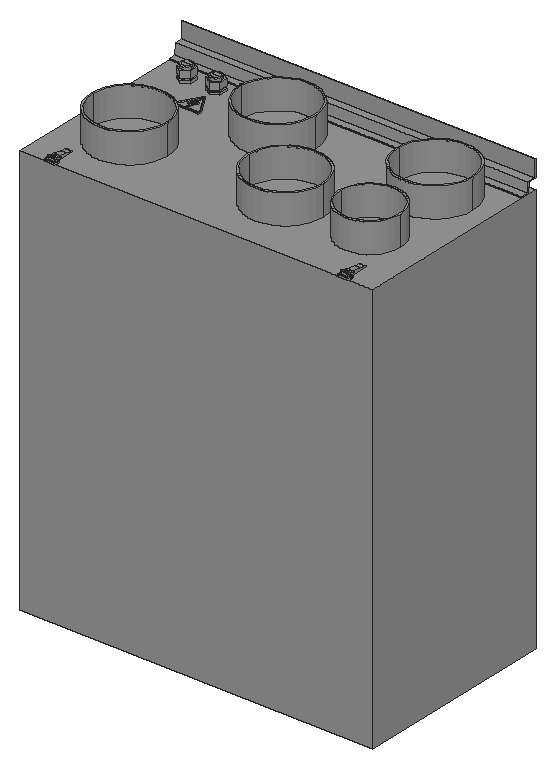
Revit family "ВУТР ВЕ_Eng", category Mechanical Equipment, Revit 2021
Family settings
  Round Connector Dimension = Use Diameter
  Classification = None
  Part Type = Normal
  Work Plane-Based = No
  Always vertical = Yes
  Cut with Voids When Loaded = No
  Shared = No
  Room Calculation Point = No
Parameters (values of type "VUTR 200 V2 EC А21")
  Width = B  # 347 mm
  Weight = 47.00 kg
  Voltage = if(Number of Fase = 3, 400 V, 230 V)  # 230 V
  Sound pressure level at 3 m distance = "28 dBA"
  Pressure_Static_Air [instance] = 0.0 Pa
  Power = 118 W
  Number of Fase = 1
  Maximum Air Flow = 270.0 m³/h
  Load Classification = "HVAC"
  Length = L  # 600 mm
  L = 600 mm
  Height = H  # 750 mm
  Frequency = 50 Hz  # constant formula
  Filter = "G4, F7"
  Dy = 125 mm
  Diameter = Dy  # 125 mm
  Default Elevation = 0 mm
  Leg = no
  Manufacturer = "Vents"  # constant formula
  h = 0 mm
  URL = "https://ventilation-system.com/series/vutr-v-ve-ec"
  SL3 = 150 mm
  SL2 = 100 mm
  SL1 = 50 mm
  SB3 = 55 mm
  SB2 = 55 mm
  SB1 = 55 mm
  Maintenance zone material = none
  L21 = 505 mm
  L13 = 363 mm
  L12 = 95 mm
  L11 = 96 mm
  L1 = 361 mm
  H1 = 700 mm
  H = 750 mm
  EL = 100 mm
  EB = 120 mm
  Dn = Dy + 5 mm  # 130 mm
  D1n = D1 + 5 mm  # 105 mm
  D1 = 100 mm
  Casing Material = Metal, painted, white, matte
  B21 = 234 mm
  B13 = 252 mm
  B12 = 95 mm
  B11 = 113 mm
  B1 = 234 mm
  B = 347 mm
  Apparent Load = Amperage * Voltage  # 230 VA
  Amperage = 1 A
  Air Flow [instance] = 0.0 m³/h
  A = 50 mm
  09_System_Name [instance] = ""
  00_20_Type = "VUTR 200 V2 EC А21"
  00_20_Name = "Air handling units with heat recovery"  # constant formula
  00_20_Manufacturer = "Vents"  # constant formula
Types (9, lengths in mm): name | Width | Weight | Sound pressure level at 3 m distance | Power | Maximum Air Flow | Length | L | Height | Dy | Diameter | Leg | h | SL3 | SL2 | SL1 | SB3 | SB2 | SB1 | L21 | L13 | L12 | L11 | L1 | H1 | H | EL | EB | Dn | D1n | D1 | B21 | B13 | B12 | B11 | B1 | B | Apparent Load | Amperage | 00_20_Type
  (no name) | 347 | 47.00 kg | "28 dBA" | 118 W | 270.0 m³/h | 600 | 600 | 750 | 125 | 125 | no | 0 | 150 | 100 | 50 | 55 | 55 | 55 | 505 | 363 | 95 | 96 | 361 | 700 | 750 | 100 | 120 | 130 | 105 | 100 | 234 | 252 | 95 | 113 | 234 | 347 | 230 VA | 1 A | "VUTR 200 V2 EC А21"
  VUTR 400 VЕ EC А21 | 528 | 82.00 kg | "33 dBA" | 1600 W | 440.0 m³/h | 745 | 745 | 755 | 160 | 160 | yes | 20 | 480 | 480 | 480 | 190 | 240 | 290 | 372.5 | 167 | 167 | 167 | 167 | 695 | 755 | 420 | 260 | 165 | 105 | 100 | 111 | 149 | 149 | 149 | 149 | 528 | 1725 VA | 7.5 A | "VUTR 400 VЕ EC А21"
  VUTR 400 V EC А21 | 528 | 81.00 kg | "33 dBA" | 200 W | 440.0 m³/h | 745 | 745 | 755 | 160 | 160 | yes | 20 | 480 | 480 | 480 | 190 | 240 | 290 | 372.5 | 167 | 167 | 167 | 167 | 695 | 755 | 420 | 260 | 165 | 105 | 100 | 111 | 149 | 149 | 149 | 149 | 528 | 322 VA | 1.4 A | "VUTR 400 V EC А21"
  VUTR 600 V EC А21 | 628 | 90.00 kg | "35 dBA" | 405 W | 670.0 m³/h | 819 | 819 | 852 | 200 | 200 | yes | 20 | 520 | 520 | 520 | 364 | 264 | 314 | 409.5 | 167 | 167 | 167 | 167 | 792 | 852 | 450 | 330 | 205 | 130 | 125 | 126 | 183 | 183 | 183 | 183 | 628 | 598 VA | 2.6 A | "VUTR 600 V EC А21"
  VUTR 600 VЕ EC А21 | 628 | 92.00 kg | "35 dBA" | 3205 W | 670.0 m³/h | 819 | 819 | 852 | 200 | 200 | yes | 20 | 520 | 520 | 520 | 364 | 264 | 314 | 409.5 | 167 | 167 | 167 | 167 | 792 | 852 | 450 | 330 | 205 | 130 | 125 | 126 | 183 | 183 | 183 | 183 | 628 | 3404 VA | 14.8 A | "VUTR 600 VЕ EC А21"
  VUTR 280 V EC А21 | 520 | 63.00 kg | "26 dBA" | 195 W | 300.0 m³/h | 598 | 598 | 754 | 125 | 125 | yes | 20 | 380 | 380 | 380 | 160 | 210 | 260 | 491 | 491 | 107 | 235 | 350 | 650 | 754 | 330 | 230 | 130 | 105 | 100 | 365 | 155 | 116 | 385 | 365 | 520 | 437 VA | 1.9 A | "VUTR 280 V EC А21"
  VUTR 280 VЕ EC А21 | 520 | 63.00 kg | "26 dBA" | 845 W | 300.0 m³/h | 598 | 598 | 754 | 125 | 125 | yes | 20 | 380 | 380 | 380 | 160 | 210 | 260 | 491 | 491 | 107 | 235 | 350 | 650 | 754 | 330 | 230 | 130 | 105 | 100 | 365 | 155 | 116 | 385 | 365 | 520 | 1081 VA | 4.7 A | "VUTR 280 VЕ EC А21"
  VUTR 200 V2 EC А21 | 347 | 47.00 kg | "28 dBA" | 118 W | 270.0 m³/h | 600 | 600 | 750 | 125 | 125 | no | 0 | 150 | 100 | 50 | 55 | 55 | 55 | 505 | 363 | 95 | 96 | 361 | 700 | 750 | 100 | 120 | 130 | 105 | 100 | 234 | 252 | 95 | 113 | 234 | 347 | 230 VA | 1 A | "VUTR 200 V2 EC А21"
  VUTR 200 V2Е EC А21 | 347 | 48.00 kg | "28 dBA" | 818 W | 270.0 m³/h | 600 | 600 | 750 | 125 | 125 | no | 0 | 150 | 100 | 50 | 55 | 55 | 55 | 505 | 363 | 95 | 96 | 361 | 700 | 750 | 100 | 120 | 130 | 105 | 100 | 234 | 252 | 95 | 113 | 234 | 347 | 920 VA | 4 A | "VUTR 200 V2Е EC А21"
Reference planes
  plane 1 "По центру (Вперед/Назад)": y = 0
  plane 2: z = 0
  plane 3 "По центру (Влево/Вправо)": x = 0
  plane 4: y = 173.5
  plane 5: y = -173.5
  plane 6: x = -300
  plane 7: x = 300
  plane 8: z = 700
Forms (mm)
  Extrusion 1, solid, material "Metal, painted, white, matte" <- "Casing Material"
    sketch origin (0, 0, 0) x (1, 0, 0) y (0, 1, 0)
      loop
        line (-300, 173.5) -> (-300, -173.5) -> (300, -173.5) -> (300, 173.5) -> (-300, 173.5)
    from 0 to 700
  Extrusion 2, solid, material "Сталь, гальванизированная"
    sketch origin (0, 0, 0) x (1, 0, 0) y (0, 1, 0)
      loop
        circle (61, -60.5) r 62.5
      loop
        circle (61, -60.5) r 65
    from 700 to 750
  Extrusion 3, solid, material "Сталь, гальванизированная"
    sketch origin (0, 0, 0) x (1, 0, 0) y (0, 1, 0)
      loop
        circle (-204, -60.5) r 65
      loop
        circle (-204, -60.5) r 62.5
    from 700 <- "H1" to 750 <- "H"
  Extrusion 4, solid, material "Сталь, гальванизированная"
    sketch origin (0, 0, 0) x (1, 0, 0) y (0, 1, 0)
      loop
        circle (205, 78.5) r 62.5
      loop
        circle (205, 78.5) r 65
    from 700 <- "H1" to 750 <- "H"
  Extrusion 5, solid, material "Сталь, гальванизированная"
    sketch origin (0, 0, 0) x (1, 0, 0) y (0, 1, 0)
      loop
        circle (-63, 78.5) r 65
      loop
        circle (-63, 78.5) r 62.5
    from 700 <- "H1" to 750 <- "H"
  Extrusion 6, solid, material "Сталь, гальванизированная"
    sketch origin (0, 0, 0) x (1, 0, 0) y (0, 1, 0)
      loop
        circle (205, -60.5) r 52.5
      loop
        circle (205, -60.5) r 50
    from 700 <- "H1" to 750 <- "H"
  Extrusion 7, solid, material "Metal, painted, white, matte" <- "Casing Material"
    sketch origin (0, 0, 0) x (0, 1, 0) y (0, 0, 1)
      loop
        line (144.46, 700) -> (157.942, 700) -> (159.473, 717.5) -> (173.5, 717.5) -> (173.5, 747.5) -> (171.5, 747.5) -> (171.5, 719.5) -> (157.64, 719.5) -> (156.109, 702) -> (144.46, 702) -> (144.46, 700)
    from -300 to 300
Dimensions and locks
  equal spacing: plane 6, plane 3 "По центру (Влево/Вправо)", plane 7
  equal spacing: plane 4, plane 1 "По центру (Вперед/Назад)", plane 5
  "B": plane 4 to plane 5
  "L": plane 6 to plane 7
  "H": Extrusion 2 to level
  "A": plane 6 to nested 1
  "A": nested 2 to plane 7
  "L1": plane 6 to Extrusion 2 sketch curve
  "B1": plane 4 to Extrusion 2 sketch curve
  "A": plane 6 to nested 3
  "A": nested 3 to plane 5
  "h": Extrusion 1 to level
  "H1": plane 8 to level
  "A": nested 4 to plane 7
  "A": nested 4 to plane 5
  "A": plane 4 to nested 6
  "A": nested 6 to plane 7
  "A": plane 6 to nested 5
  "A": plane 4 to nested 5
  "L11": plane 6 to Extrusion 3 sketch curve
  "B11": Extrusion 3 sketch curve to plane 5
  "L12": Extrusion 4 sketch curve to plane 7
  "B12": plane 4 to Extrusion 4 sketch curve
  "B13": Extrusion 5 sketch curve to plane 5
  "L13": Extrusion 5 sketch curve to plane 7
  "L21": plane 6 to Extrusion 6 sketch curve
  "B21": Extrusion 6 sketch curve to plane 4
  "SL1": plane 6 to nested 7
  "SB2": nested 7 to plane 4
  "SB1": nested 8 to plane 4
  "SL2": plane 6 to nested 8
  "SL3": plane 6 to nested 9
  "SB3": plane 4 to nested 9
  "EB": nested 10 to plane 4
  "EL": plane 6 to nested 10
  "Dy": diameter of Extrusion 2 sketch curve
  "Dn": diameter of Extrusion 2 sketch curve
  "Dn": diameter of Extrusion 3 sketch curve
  "Dy": diameter of Extrusion 3 sketch curve
  "Dn": diameter of Extrusion 4 sketch curve
  "Dy": diameter of Extrusion 4 sketch curve
  "Dn": diameter of Extrusion 5 sketch curve
  "Dy": diameter of Extrusion 5 sketch curve
  "D1n": diameter of Extrusion 6 sketch curve
  "D1": diameter of Extrusion 6 sketch curve
  aligned and locked: level to plane 2
  aligned and locked: Extrusion 1 sketch curve to plane 4
  aligned and locked: Extrusion 1 sketch curve to plane 6
  aligned and locked: plane 5 to Extrusion 1 sketch curve
  aligned and locked: plane 7 to Extrusion 1 sketch curve
  aligned and locked: Extrusion 1 to plane 8
  aligned and locked: nested 1 to plane 5
  aligned and locked: nested 2 to plane 5
  aligned and locked: Extrusion 2 to Extrusion 1
  aligned and locked: plane 6 to Extrusion 7
  aligned and locked: Extrusion 7 to plane 7
Automatic sketch dimensions
  plane 8 to Extrusion 7 sketch curve = 0 mm
  Extrusion 7 sketch curve to plane 4 = 0 mm
  Extrusion 7 sketch curve to plane 4 = 2 mm
  Extrusion 7 sketch curve to Extrusion 7 sketch curve = 12.027 mm
  Extrusion 7 sketch curve to plane 4 = 15.558 mm
  Extrusion 7 sketch curve to Extrusion 7 sketch curve = 1.833 mm  (x2)
  Extrusion 7 sketch curve to plane 8 = 2 mm
  Extrusion 7 sketch curve to Extrusion 7 sketch curve = 11.649 mm
  Extrusion 7 sketch curve to plane 8 = 17.5 mm
  Extrusion 7 sketch curve to Extrusion 7 sketch curve = 2 mm
  Extrusion 7 sketch curve to Extrusion 7 sketch curve = 28 mm
  Extrusion 2 sketch curve to Extrusion 2 sketch curve = 0 mm  (x2)
  Extrusion 3 sketch curve to Extrusion 3 sketch curve = 0 mm  (x2)
  Extrusion 4 sketch curve to Extrusion 4 sketch curve = 0 mm  (x2)
  Extrusion 5 sketch curve to Extrusion 5 sketch curve = 0 mm  (x2)
  Extrusion 6 sketch curve to Extrusion 6 sketch curve = 0 mm  (x2)
Nested families
  nested 1: "Latch" at (-250, -168.5, 700) x (0, 0, 1) z (-1, 0, 0), built-in parameter 1001360 <- "H1", type "Latch"
  nested 2: "Latch" at (250, -168.5, 700) x (0, 0, 1) z (-1, 0, 0), built-in parameter 1001360 <- "H1", type "Latch"
  nested 3: "Leg" at (-250, -123.5, 0), visible <- "Leg", type "Leg"
  nested 4: "Leg" at (250, -123.5, 0) x (-1, 0, 0) z (0, 0, 1), visible <- "Leg", type "Leg"
  nested 5: "Leg" at (-250, 123.5, 0), visible <- "Leg", type "Leg"
  nested 6: "Leg" at (250, 123.5, 0) x (-1, 0, 0) z (0, 0, 1), visible <- "Leg", type "Leg"
  nested 7: "Сonnector" at (-250, 118.5, 700), built-in parameter 1001360 <- "H1", type "24"
  nested 8: "Сonnector" at (-200, 118.5, 700), built-in parameter 1001360 <- "H1", type "24"
  nested 9: "Сonnector" at (-150, 118.5, 700), built-in parameter 1001360 <- "H1", type "24"
  nested 10: "Electric Sticker" at (-200, 53.5, 700), built-in parameter 1001360 <- "H1", type "Electric Sticker"
Connectors
  hvac at (61, -60.5, 750), driven by "Dy"
    settings: on Extrusion 2, index 1, duct flow 0.0 m³/h, flow factor 0, pres drop 0.0 Pa, loss coef 0, conn angle 0.00°, conn width 304.8 mm, conn height 304.8 mm, conn diameter 125 mm, duct sys type 3, conn prof type 0, flow config 0, flow direction 1, loss method 0, conn ref index -1, conn util no, is conn primary yes, conn desc ""
  hvac at (205, 78.5, 750), driven by "Dy"
    settings: on Extrusion 4, index 3, duct flow 0.0 m³/h, flow factor 0, pres drop 0.0 Pa, loss coef 0, conn angle 0.00°, conn width 304.8 mm, conn height 304.8 mm, conn diameter 125 mm, duct sys type 3, conn prof type 0, flow config 0, flow direction 2, loss method 0, conn ref index -1, conn util no, is conn primary no, conn desc ""
  hvac at (-63, 78.5, 750), driven by "Dy"
    settings: on Extrusion 5, index 4, duct flow 0.0 m³/h, flow factor 0, pres drop 0.0 Pa, loss coef 0, conn angle 0.00°, conn width 304.8 mm, conn height 304.8 mm, conn diameter 125 mm, duct sys type 1, conn prof type 0, flow config 0, flow direction 1, loss method 0, conn ref index -1, conn util no, is conn primary no, conn desc ""
  hvac at (-204, -60.5, 750), driven by "Dy"
    settings: on Extrusion 3, index 5, duct flow 0.0 m³/h, flow factor 0, pres drop 0.0 Pa, loss coef 0, conn angle 0.00°, conn width 304.8 mm, conn height 304.8 mm, conn diameter 125 mm, duct sys type 1, conn prof type 0, flow config 0, flow direction 2, loss method 0, conn ref index -1, conn util no, is conn primary no, conn desc ""
  hvac at (205, -60.5, 750), driven by "D1"
    settings: on Extrusion 6, index 6, duct flow 0.0 m³/h, flow factor 0, pres drop 0.0 Pa, loss coef 0, conn angle 0.00°, conn width 304.8 mm, conn height 304.8 mm, conn diameter 100 mm, duct sys type 3, conn prof type 0, flow config 0, flow direction 1, loss method 0, conn ref index -1, conn util no, is conn primary no, conn desc ""
  electrical at (-250, 118.5, 718.75), driven by "Voltage", driven by "Apparent Load"
    settings: on nested 7, index 7, voltage 230 V, apparent load 230 VA, apparent load phase1 0 VA, apparent load phase2 0 VA, apparent load phase3 0 VA, power factor 1, load classification "Мощность", number of poles 1, system type 30, power factor state 1, is connector primary yes, connector utility no, sub classification motor no, connector description ""
Definition of nested family "Latch"
  Parameters (values of type "Защелка")
    Default Elevation = 0 mm
  Reference planes
    plane 1 "По центру (Вперед/Назад)": y = 0
    plane 2: z = 0
    plane 3 "По центру (Влево/Вправо)": x = 0
  Forms (mm)
    Extrusion 1, solid
      sketch origin (0, -5, 0) x (0, 1, 0) y (0, 0, 1)
        loop
          arc (3, 10) -> (0.879, 9.121) -> (0, 7) r 3
          line (0, 7) -> (0, -7)
          arc (0, -7) -> (0.879, -9.121) -> (3, -10) r 3
          line (3, -10) -> (7, -10)
          arc (7, -10) -> (9.121, -9.121) -> (10, -7) r 3
          line (10, -7) -> (10, 7)
          arc (10, 7) -> (9.121, 9.121) -> (7, 10) r 3
          line (7, 10) -> (3, 10)
      from 0 to 2
    Extrusion 2, solid
      sketch origin (0, 0, 0) x (1, 0, 0) y (0, 1, 0)
        loop
          line (2, 0.5) -> (2, -0.5) -> (7, -0.5)
          arc (7, -0.5) -> (7.707, -0.793) -> (8, -1.5) r 1
          arc (8, -1.5) -> (8.58, -2.08) -> (9.161, -1.5) r 0.58
          arc (9.161, -1.5) -> (8.575, -0.086) -> (7.161, 0.5) r 2
          line (7.161, 0.5) -> (2, 0.5)
      from -5 to 5
    Extrusion 3, solid
      sketch origin (0, 0, 0) x (1, 0, 0) y (0, 1, 0)
        loop
          line (0, 6.215) -> (3.363, 6.215)
          arc (3.363, 6.215) -> (5.643, 7.265) -> (6.327, 9.68) r 3
          line (6.327, 9.68) -> (3.08, 26.383)
          arc (3.08, 26.383) -> (1.485, 30.467) -> (2.223, 34.789) r 8.197
          arc (2.223, 34.789) -> (2.162, 35.751) -> (1.318, 36.215) r 1
          line (1.318, 36.215) -> (0, 36.215) -> (0, 6.215)
      from -5 to 5
    Sweep 4, solid
      path origin (2.535, 1.601, 0) x (-0.309017, 0.951057, 0) y (0, 0, 1)
        loop
          arc (-2.944, 6.5) -> (-3.651, 6.207) -> (-3.944, 5.5) r 1
          line (-3.944, 5.5) -> (-3.944, -5.5)
          arc (-3.944, -5.5) -> (-3.651, -6.207) -> (-2.944, -6.5) r 1
          line (-2.944, -6.5) -> (7.056, -6.5)
          arc (7.056, -6.5) -> (7.763, -6.207) -> (8.056, -5.5) r 1
          line (8.056, -5.5) -> (8.056, 5.5)
          arc (8.056, 5.5) -> (7.763, 6.207) -> (7.056, 6.5) r 1
          line (7.056, 6.5) -> (-2.944, 6.5)
      profile origin (1.9, 3.556, 6.5) x (0, 0, 1) y (0.951057, 0.309017, 0)
        loop
          circle (0, 3.594) r 0.5
    Extrusion 5, solid
      sketch origin (0, 0, 0) x (0, 1, 0) y (0, 0, 1)
        loop
          circle (0, 8.305) r 0.8
        loop
          circle (0, -8.305) r 0.8
      from 0 to 2
  Cuts and joins
    joined: Extrusion 1, Extrusion 2
  Dimensions and locks
    aligned and locked: level to plane 2
Definition of nested family "Leg"
  Parameters (values of type "Ножка")
    Default Elevation = 0 mm
  Reference planes
    plane 1 "По центру (Вперед/Назад)": y = 0
    plane 2: z = 0
    plane 3 "По центру (Влево/Вправо)": x = 0
  Forms (mm)
    Revolve 1, solid
      sketch origin (0, 0, 0) x (1, 0, 0) y (0, 0, 1)
        loop
          line (0, 0) -> (25, 0) -> (25, 4)
          arc (25, 4) -> (24.121, 6.121) -> (22, 7) r 3
          line (22, 7) -> (17.57, 7) -> (14.95, 13.172)
          arc (14.95, 13.172) -> (13.845, 14.502) -> (12.189, 15) r 3
          line (12.189, 15) -> (0, 15) -> (0, 0)
        axis (0, 0) -> (0, 15)
      angle from 0 to 360
    Extrusion 2, solid
      sketch origin (0, 0, 0) x (1, 0, 0) y (0, 1, 0)
        loop
          circle (0, 0) r 8
      from 15 to 20
  Dimensions and locks
    aligned and locked: level to plane 2
Definition of nested family "Сonnector"
  Parameters (values of type "24")
    Default Elevation = 0 mm
    r1 = r / 1.3333  # 9 mm
    r = 12 mm
    h3 = H / 3.2  # 7.5 mm
    h1 = H / 1.28  # 18.75 mm
    h4 = H / 6.4  # 3.75 mm
    H = 24 mm
    A = 2 * r * tan(30.00°)  # 13.856 mm
  Reference planes
    plane 1 "По центру (Вперед/Назад)": y = 0
    plane 2: z = 0
    plane 3 "По центру (Влево/Вправо)": x = 0
  Forms (mm)
    Extrusion 1, solid
      sketch origin (-129.783, 0, -1.583) x (-1, 0, 0) y (0, -1, 0)
        loop
          line (-129.783, -13.856) -> (-117.783, -6.928) -> (-117.783, 6.928) -> (-129.783, 13.856) -> (-141.783, 6.928) -> (-141.783, -6.928) -> (-129.783, -13.856)
      from 1.583 to 5.333
    Extrusion 2, solid
      sketch origin (-129.783, 0, 0) x (-1, 0, 0) y (0, -1, 0)
        loop
          circle (-129.783, 0) r 9
      from 3.75 to 7.5
    Extrusion 3, solid
      sketch origin (-129.783, 0, 14.25) x (-1, 0, 0) y (0, -1, 0)
        loop
          line (-129.783, -13.856) -> (-117.783, -6.928) -> (-117.783, 6.928) -> (-129.783, 13.856) -> (-141.783, 6.928) -> (-141.783, -6.928) -> (-129.783, -13.856)
      from -6.75 to 4.5
    Revolve 4, solid
      sketch origin (-129.783, 0, -5.678) x (-1, 0, 0) y (0, 0, -1)
        loop
          line (-120.783, -24.428) -> (-129.783, -24.428) -> (-129.783, -29.678) -> (-121.783, -29.678)
          arc (-121.783, -29.678) -> (-121.076, -29.385) -> (-120.783, -28.678) r 1
          line (-120.783, -28.678) -> (-120.783, -24.428)
        axis (-129.783, -29.678) -> (-129.783, -24.428)
      angle from 0 to 360
  Dimensions and locks
    "A": Extrusion 3 sketch curve to Extrusion 3 sketch curve  (x6)
    equal spacing: Extrusion 3 sketch curve, plane 1 "По центру (Вперед/Назад)", Extrusion 3 sketch curve  (x2)
    "A": Extrusion 3 sketch curve to plane 1 "По центру (Вперед/Назад)" to Extrusion 3 sketch curve
    "A": Extrusion 1 sketch curve to Extrusion 1 sketch curve  (x6)
    "A": Extrusion 1 sketch curve to plane 1 "По центру (Вперед/Назад)" to Extrusion 1 sketch curve
    "r1": plane 3 "По центру (Влево/Вправо)" to Revolve 4 sketch curve
    "H": level to Revolve 4 sketch curve
    "h1": level to Extrusion 3
    "h3": level to Extrusion 3
    "h1": level to Revolve 4 sketch curve
    "h3": level to Extrusion 2
    "h4": level to Extrusion 2
    "h4": level to Extrusion 1
    "r1": radius of Extrusion 2 sketch curve
    aligned and locked: level to plane 2
    aligned and locked: Extrusion 1 to Extrusion 2
    aligned and locked: Extrusion 1 to level
    aligned and locked: Extrusion 3 to Extrusion 2
  Automatic sketch dimensions
    Extrusion 1 sketch curve to plane 3 "По центру (Влево/Вправо)" = 0 mm  (x2)
    plane 1 "По центру (Вперед/Назад)" to Extrusion 2 sketch curve = 0 mm
    Extrusion 2 sketch curve to plane 3 "По центру (Влево/Вправо)" = 0 mm
    Extrusion 3 sketch curve to plane 3 "По центру (Влево/Вправо)" = 0 mm
    Revolve 4 sketch curve to plane 3 "По центру (Влево/Вправо)" = 0 mm  (x2)
    Revolve 4 sketch curve to Revolve 4 sketch curve = 1 mm
    level to Revolve 4 sketch curve = 1.702 mm
    Revolve 4 sketch curve to level = 6.18 mm
Definition of nested family "Electric Sticker"
  Parameters (values of type "Электрика")
    Default Elevation = 0 mm
  Reference planes
    plane 1 "По центру (Вперед/Назад)": y = 0
    plane 2: z = 0
    plane 3 "По центру (Влево/Вправо)": x = 0
  Forms (mm)
    Extrusion 1, solid
      sketch origin (0, 0, 0) x (1, 0, 0) y (0, 1, 0)
        loop
          line (0, 0.664) -> (18.543, 0.664)
          arc (18.543, 0.664) -> (21.349, 1.985) -> (22.119, 4.99) r 3.641
          line (22.119, 4.99) -> (2.806, 38.44)
          arc (2.806, 38.44) -> (0, 39.762) -> (-2.806, 38.44) r 3.641
          line (-2.806, 38.44) -> (-22.119, 4.99)
          arc (-22.119, 4.99) -> (-21.349, 1.985) -> (-18.543, 0.664) r 3.641
          line (-18.543, 0.664) -> (0, 0.664)
        loop
          arc (-20.055, 4.565) -> (-19.717, 3.245) -> (-18.484, 2.664) r 1.6
          line (-18.484, 2.664) -> (18.396, 2.664)
          arc (18.396, 2.664) -> (19.729, 3.379) -> (19.87, 4.885) r 1.6
          line (19.87, 4.885) -> (1.2, 37.223)
          arc (1.2, 37.223) -> (0.104, 37.807) -> (-1.079, 37.432) r 1.6
          line (-1.079, 37.432) -> (-20.055, 4.565)
      from 0 to 1
    Extrusion 2, solid
      sketch origin (0, 0, 0) x (1, 0, 0) y (0, 1, 0)
        loop
          line (1.519, 30.846) -> (-2.718, 30.846) -> (-7.387, 14.53) -> (2.226, 19.012) -> (-1.819, 8.947) -> (-2.667, 9.352) -> (-2.823, 5.949) -> (-0.273, 8.208) -> (-1.096, 8.601) -> (5.366, 22.132) -> (-4.385, 17.585) -> (1.519, 30.846)
      from 0 to 1
    Extrusion 3, solid
      sketch origin (0, 0, 0) x (1, 0, 0) y (0, 1, 0)
        loop
          line (-1.079, 37.432) -> (-20.055, 4.565)
          arc (-20.055, 4.565) -> (-19.717, 3.245) -> (-18.484, 2.664) r 1.6
          line (-18.484, 2.664) -> (18.396, 2.664)
          arc (18.396, 2.664) -> (19.781, 3.464) -> (19.781, 5.064) r 1.6
          line (19.781, 5.064) -> (1.296, 37.092)
          arc (1.296, 37.092) -> (0.185, 37.798) -> (-1.079, 37.432) r 1.6
      from 0 to 0.9
  Dimensions and locks
    aligned and locked: level to plane 2
